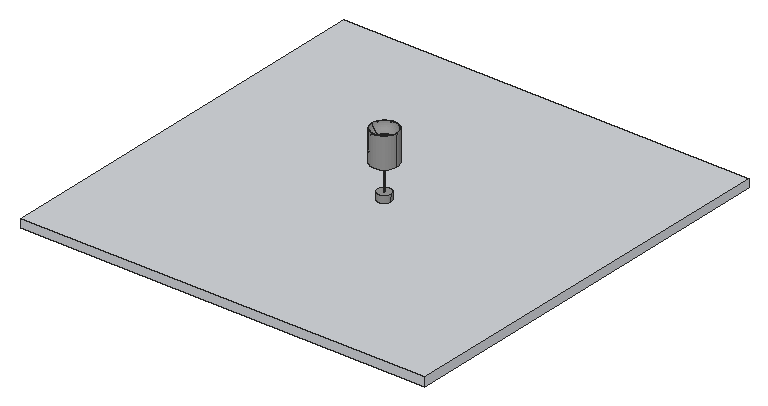
Revit family "LAMP_KOMBIC 150 SURFACE 3000 CRI80 OPTIC DALI", category Luminarias, Revit 2018
Family settings
  Anfitrión = Cara
  Cota de conector redondo = Diámetro de uso
  Tipo de pieza = Normal
  Corte con vacíos al cargar = No
  Origen de luz = Sí
  Compartido = No
  Punto de cálculo de habitación = No
Parameters (values of type "1613LM 3000K  B/B")
  Ángulo de inclinación = -90.00°
  Weight = 1.738 kg
  UGR = "19"
  Type = "COB PHILIPS"
  Protection rating = "IP40"
  Product datasheet = "http://www.lamp.es/product-files/TECH/K21SF3040WF830DBB-EN.pdf"
  Product code = "K21SF3040WF830DBB"
  Product URL = "https://www.lamp.es/en/family/kombic-surface_474354"
  Power Supply = "220-240V 50/60Hz"
  Power = 17.6 W
  Plum = 19.8 W
  Modelo = Product code  # "K21SF3040WF830DBB"
  Model explanation = "Possibility of chossing between surface or suspended within the model"
  Material reflector = LAMP_PC Reflector Kombic Metalizado Negro
  Material floron = LAMP_Plástico genérico NG
  Material difusor = LAMP_PMMA Difusor Kombic
  Material cuerpo = LAMP_Plástico genérico NG
  Material cable suspension = LAMP_Acero genérico
  Manufacturer name = "LAMP"
  Manufacturer country = "Spain"
  Manufacturer URL = "http://www.lamp.es/en"
  MacAdam = "3"
  Luminaire type = "Suspended"
  Last update = "07/10/2021"
  Lamp = "COB LED"
  LED Lifetime = "50.000 L80 B10"
  Insulation class = "II"
  Installation instructions = "https://www.lamp.es/product-files/packed/by-family/474354_INS_all.zip"
  IEE = "A+"
  Height suspension [instance] = 200 mm
  Height distance [instance] = if(Surface, 0.1 mm, if(Ceiling rose, if(Height suspension > 38 mm, if(Height suspension < 2000 mm, Height suspension, 2000 mm), 38 mm), 37 mm))  # 200 mm
  Wattage = 19.8 W
  built-in parameter 1150107 = 3000 (stored number, unit not read)
  Surface [instance] = no
  built-in parameter 1150110 = 1 (stored number, unit not read)
  built-in parameter 1150109 = 1 (stored number, unit not read)
  built-in parameter 1150112 = 1 (stored number, unit not read)
  built-in parameter 1150113 = 1 (stored number, unit not read)
  built-in parameter 1114218 = 1 (stored number, unit not read)
  built-in parameter 1150137 = (empty or 0)
  built-in parameter 1150132 = 2
  built-in parameter 1150105 = 1843.1 (stored number, unit not read)
  built-in parameter 1150102 = (empty or 0)
  built-in parameter 1150106 = 18.431 (stored number, unit not read)
  Height = 180 mm
  Gear = "Adjustable DALI"
  Lumens = 1613.7 lm
  Finish = "Matte black RAL 9011"
  Color Filter = 16777215
  built-in parameter 1114217 = 1 (stored number, unit not read)
  built-in parameter 1150139 = (empty or 0)
  Fabricante = Manufacturer name  # "LAMP"
  Default Elevation = 1219.2 mm
  built-in parameter 1150104 = 7.5716 (stored number, unit not read)
  Efficacy = 81.5 lm/W
  Diameter = 150 mm
  built-in parameter 1150115 = 1 (stored number, unit not read)
  built-in parameter 1150114 = 1 (stored number, unit not read)
  built-in parameter 1150138 = (empty or 0)
  built-in parameter 1150134 = (empty or 0)
  Ceiling rose [instance] = not(Surface)  # yes
  Dimming Lamp Color Temperature Shift = (empty or 0)
  CRI = "80"
  Archivo de red fotométrica = "K21SF3040WF830NBB.IES"
  built-in parameter 1150133 = 10 (stored number, unit not read)
Types (12, lengths in mm): name | Product datasheet | Product code | Modelo | Material reflector | Material floron | Material cuerpo | built-in parameter 1150107 | built-in parameter 1150105 | built-in parameter 1150106 | Lumens | Finish | built-in parameter 1150104 | Efficacy | built-in parameter 1150134 | Archivo de red fotométrica
  1613LM 3000K  B/B | "http://www.lamp.es/product-files/TECH/K21SF3040WF830DBB-EN.pdf" | "K21SF3040WF830DBB" | "K21SF3040WF830DBB" | LAMP_PC Reflector Kombic Metalizado Negro | LAMP_Plástico genérico NG | LAMP_Plástico genérico NG | 3000 (stored number, unit not read) | 1843.1 (stored number, unit not read) | 18.431 (stored number, unit not read) | 1613.7 lm | "Matte black RAL 9011" | 7.5716 (stored number, unit not read) | 81.5 lm/W | (empty or 0) | "K21SF3040WF830NBB.IES"
  1613LM 3000K  B/W | "http://www.lamp.es/product-files/TECH/K21SF3040WF830DBW-EN.pdf" | "K21SF3040WF830DBW" | "K21SF3040WF830DBW" | LAMP_PC Reflector Kombic Metalizado Negro | LAMP_Plástico genérico BL | LAMP_Plástico genérico BL | 3000 (stored number, unit not read) | 1843.1 (stored number, unit not read) | 18.431 (stored number, unit not read) | 1613.7 lm | "Matte white RAL 9010" | 7.5716 (stored number, unit not read) | 81.5 lm/W | (empty or 0) | "K21SF3040WF830NBW.IES"
  1618LM 3000K  M/B | "http://www.lamp.es/product-files/TECH/K21SF3040WF830DMB-EN.pdf" | "K21SF3040WF830DMB" | "K21SF3040WF830DMB" | LAMP_PC Reflector Kombic Metalizado Mate | LAMP_Plástico genérico NG | LAMP_Plástico genérico NG | 3000 (stored number, unit not read) | 1847.6 (stored number, unit not read) | 18.476 (stored number, unit not read) | 1617.66 lm | "Matte black RAL 9011" | 7.5902 (stored number, unit not read) | 81.7 lm/W | (empty or 0) | "K21SF3040WF830NMB.IES"
  1618LM 3000K  M/W | "http://www.lamp.es/product-files/TECH/K21SF3040WF830DMW-EN.pdf" | "K21SF3040WF830DMW" | "K21SF3040WF830DMW" | LAMP_PC Reflector Kombic Metalizado Mate | LAMP_Plástico genérico BL | LAMP_Plástico genérico BL | 3000 (stored number, unit not read) | 1847.6 (stored number, unit not read) | 18.476 (stored number, unit not read) | 1617.66 lm | "Matte white RAL 9010" | 7.5902 (stored number, unit not read) | 81.7 lm/W | (empty or 0) | "K21SF3040WF830NMW.IES"
  1667LM 3000K  W/B | "http://www.lamp.es/product-files/TECH/K21SF3040WF830DWB-EN.pdf" | "K21SF3040WF830DWB" | "K21SF3040WF830DWB" | LAMP_PC Reflector Kombic Blanco | LAMP_Plástico genérico NG | LAMP_Plástico genérico NG | 3000 (stored number, unit not read) | 1904.1 (stored number, unit not read) | 19.041 (stored number, unit not read) | 1667.16 lm | "Matte black RAL 9011" | 7.8224 (stored number, unit not read) | 84.2 lm/W | (empty or 0) | "K21SF3040WF830NWB.IES"
  1667LM 3000K  W/W | "http://www.lamp.es/product-files/TECH/K21SF3040WF830DWW-EN.pdf" | "K21SF3040WF830DWW" | "K21SF3040WF830DWW" | LAMP_PC Reflector Kombic Blanco | LAMP_Plástico genérico BL | LAMP_Plástico genérico BL | 3000 (stored number, unit not read) | 1904.1 (stored number, unit not read) | 19.041 (stored number, unit not read) | 1667.16 lm | "Matte white RAL 9010" | 7.8224 (stored number, unit not read) | 84.2 lm/W | (empty or 0) | "K21SF3040WF830NWW.IES"
  1680LM 4000K  B/B | "http://www.lamp.es/product-files/TECH/K21SF3040WF840DBB-EN.pdf" | "K21SF3040WF840DBB" | "K21SF3040WF840DBB" | LAMP_PC Reflector Kombic Metalizado Negro | LAMP_Plástico genérico NG | LAMP_Plástico genérico NG | 4000 (stored number, unit not read) | 1917.7 (stored number, unit not read) | 19.177 (stored number, unit not read) | 1679.04 lm | "Matte black RAL 9011" | 7.8782 (stored number, unit not read) | 84.8 lm/W | 12 | "K21SF3040WF840NBB.IES"
  1680LM 4000K  B/W | "http://www.lamp.es/product-files/TECH/K21SF3040WF840DBW-EN.pdf" | "K21SF3040WF840DBW" | "K21SF3040WF840DBW" | LAMP_PC Reflector Kombic Metalizado Negro | LAMP_Plástico genérico BL | LAMP_Plástico genérico BL | 4000 (stored number, unit not read) | 1917.7 (stored number, unit not read) | 19.177 (stored number, unit not read) | 1679.04 lm | "Matte white RAL 9010" | 7.8782 (stored number, unit not read) | 84.8 lm/W | 12 | "K21SF3040WF840NBW.IES"
  1685LM 4000K  M/B | "http://www.lamp.es/product-files/TECH/K21SF3040WF840DMB-EN.pdf" | "K21SF3040WF840DMB" | "K21SF3040WF840DMB" | LAMP_PC Reflector Kombic Metalizado Mate | LAMP_Plástico genérico NG | LAMP_Plástico genérico NG | 4000 (stored number, unit not read) | 1924.5 (stored number, unit not read) | 19.245 (stored number, unit not read) | 1684.98 lm | "Matte black RAL 9011" | 7.906 (stored number, unit not read) | 85.1 lm/W | 12 | "K21SF3040WF840NMB.IES"
  1685LM 4000K  M/W | "http://www.lamp.es/product-files/TECH/K21SF3040WF840DMW-EN.pdf" | "K21SF3040WF840DMW" | "K21SF3040WF840DMW" | LAMP_PC Reflector Kombic Metalizado Mate | LAMP_Plástico genérico BL | LAMP_Plástico genérico BL | 4000 (stored number, unit not read) | 1924.5 (stored number, unit not read) | 19.245 (stored number, unit not read) | 1684.98 lm | "Matte white RAL 9010" | 7.906 (stored number, unit not read) | 85.1 lm/W | 12 | "K21SF3040WF840NMW.IES"
  1737LM 4000K  W/B | "http://www.lamp.es/product-files/TECH/K21SF3040WF840DWB-EN.pdf" | "K21SF3040WF840DWB" | "K21SF3040WF840DWB" | LAMP_PC Reflector Kombic Blanco | LAMP_Plástico genérico NG | LAMP_Plástico genérico NG | 4000 (stored number, unit not read) | 1983.3 (stored number, unit not read) | 19.833 (stored number, unit not read) | 1736.46 lm | "Matte black RAL 9011" | 8.1476 (stored number, unit not read) | 87.7 lm/W | 12 | "K21SF3040WF840NWB.IES"
  1737LM 4000K  W/W | "http://www.lamp.es/product-files/TECH/K21SF3040WF840DWW-EN.pdf" | "K21SF3040WF840DWW" | "K21SF3040WF840DWW" | LAMP_PC Reflector Kombic Blanco | LAMP_Plástico genérico BL | LAMP_Plástico genérico BL | 4000 (stored number, unit not read) | 1983.3 (stored number, unit not read) | 19.833 (stored number, unit not read) | 1736.46 lm | "Matte white RAL 9010" | 8.1476 (stored number, unit not read) | 87.7 lm/W | 12 | "K21SF3040WF840NWW.IES"
Reference planes
  plane 1 "Centro (Frontal/Posterior)": y = 0
  plane 2: z = 0
  plane 3 "Centro (Izquierda/Derecha)": x = 0
Forms (mm)
  Extrusion 1, solid
    sketch origin (0, 0, 0) x (1, 0, 0) y (0, 1, 0)
      loop
        line (-1219.2, 1219.2) -> (-1219.2, -1219.2) -> (1219.2, -1219.2) -> (1219.2, 1219.2) -> (-1219.2, 1219.2)
    from 0 to -50
  Extrusion 2, solid, material "LAMP_Plástico genérico NG" <- "Material cuerpo"
    sketch origin (0, 0, 0) x (1, 0, 0) y (0, 1, 0)
      loop
        circle (0, 0) r 77.5
    from 200 to 380
  Extrusion 3, void
    sketch origin (0, 0, 0) x (1, 0, 0) y (0, 1, 0)
      loop
        circle (0, 0) r 76.5
    from 270.588 to 380
  Sweep 4, solid, material "LAMP_PC Reflector Kombic Metalizado Negro" <- "Material reflector"
    path origin (105.103, -251.845, 380) x (1, 0, 0) y (0, 1, 0)
      loop
        circle (-105.103, 251.959) r 48
    profile origin (0, 48.114, 380) x (0, -1, 0) y (0, 0, 1)
      loop
        arc (-28.386, 0) -> (-15.5, -31.664) -> (14.364, -48.3) r 51.542
        line (14.364, -48.3) -> (14.364, -47.3)
        arc (14.364, -47.3) -> (-14.949, -31.098) -> (-27.386, 0) r 49.836
        line (-27.386, 0) -> (-28.386, 0)
  Extrusion 5, solid, material "LAMP_PMMA Difusor Kombic" <- "Material difusor"
    sketch origin (0, 0, 0) x (1, 0, 0) y (0, 1, 0)
      loop
        circle (0, 0) r 33.636
    from 331.7 to 332.7
  Extrusion 6, solid, material "LAMP_Plástico genérico NG" <- "Material floron", visible <- "Ceiling rose"
    sketch origin (0, 0, 0) x (1, 0, 0) y (0, 1, 0)
      loop
        circle (0, 0) r 42
    from 0 to 37
  Extrusion 7, solid, material "LAMP_Acero genérico" <- "Material cable suspension", visible <- "Ceiling rose"
    sketch origin (0, 0, 0) x (1, 0, 0) y (0, 1, 0)
      loop
        circle (0, 0) r 1
    from 37 to 200
Cuts and joins
  Extrusion 3 cuts Extrusion 2
Text (mm)
  text "Any modification of the parameters and properties of the LAMP BIM models must be executed and validated by the LAMP technical department.\nPhone: +34 93 736 68 00\nE-mail: lamp@lamp.es\n\nLAMP reserves the right to modify the technical specifications of its products." at (1856.491, -4316.333, -2622.127), in view "Preview"
Dimensions and locks
  "Height distance": Extrusion 2 to Extrusion 1
  locked: Extrusion 2 to Extrusion 2 at 180
  locked: cut or joined group of Extrusion 2, Extrusion 3 to cut or joined group of Extrusion 2, Extrusion 3 at 109.412
  aligned and locked: plane 2 to Extrusion 1
  aligned and locked: level to Extrusion 1
  aligned and locked: Extrusion 2 to Extrusion 3
  aligned and locked: Extrusion 7 to Extrusion 6
  aligned and locked: Extrusion 7 to cut or joined group of Extrusion 2, Extrusion 3
  aligned and locked: imposter light to cut or joined group of Extrusion 2, Extrusion 3
  aligned and locked: Extrusion 5 to Sweep 4  (x2)
Automatic sketch dimensions
  Extrusion 1 sketch curve to Extrusion 1 sketch curve = 2438.4 mm  (x2)
  plane 1 "Centro (Frontal/Posterior)" to Extrusion 2 sketch curve = 0 mm
  Extrusion 2 sketch curve to plane 3 "Centro (Izquierda/Derecha)" = 0 mm
  plane 1 "Centro (Frontal/Posterior)" to Extrusion 3 sketch curve = 0 mm
  Extrusion 3 sketch curve to plane 3 "Centro (Izquierda/Derecha)" = 0 mm
  plane 1 "Centro (Frontal/Posterior)" to Extrusion 6 sketch curve = 0 mm
  Extrusion 6 sketch curve to plane 3 "Centro (Izquierda/Derecha)" = 0 mm
  plane 1 "Centro (Frontal/Posterior)" to Extrusion 7 sketch curve = 0 mm
  Extrusion 7 sketch curve to plane 3 "Centro (Izquierda/Derecha)" = 0 mm
  Sweep 4 sketch curve to profile plane = 0 mm
  profile plane to Sweep 4 sketch curve = 28.386 mm
  profile plane to Sweep 4 sketch curve = 1.881 mm
  Sweep 4 sketch curve to profile plane = 22.414 mm
  Sweep 4 sketch curve to Sweep 4 sketch curve = 0.681 mm
  Sweep 4 sketch curve to Sweep 4 sketch curve = 1 mm  (x2)
  Sweep 4 sketch curve to profile plane = 14.364 mm
  plane 1 "Centro (Frontal/Posterior)" to Extrusion 5 sketch curve = 0 mm
  Extrusion 5 sketch curve to plane 3 "Centro (Izquierda/Derecha)" = 0 mm
  radius of Extrusion 2 sketch curve = 77.5 mm
  radius of Extrusion 3 sketch curve = 76.5 mm
  radius of Sweep 4 sketch curve = 48 mm
  radius of Extrusion 6 sketch curve = 42 mm
  radius of Extrusion 7 sketch curve = 1 mm
  radius of Extrusion 5 sketch curve = 33.636 mm
Connectors
  electrical at (0, 0, 200)
    settings: on cut or joined group of Extrusion 2, Extrusion 3, index 1, voltage 230 V, apparent load 0 VA, apparent load phase1 0 VA, apparent load phase2 0 VA, apparent load phase3 0 VA, power factor 1, load classification "Otro", number of poles 1, system type 31, power factor state 1, is connector primary yes, connector utility no, sub classification motor no, connector description ""
